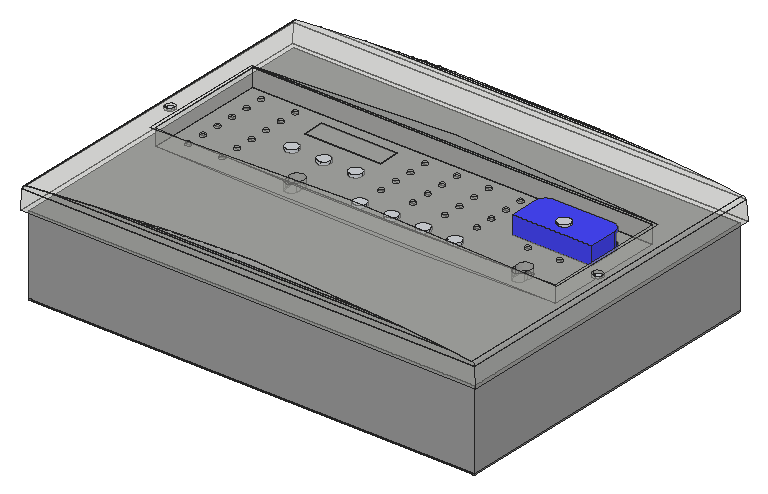
Revit family "Maxlogic Conventional Extinguishing Control Panel", category Fire Alarm Devices, host Face, Revit 2022
Family settings
  Host = Face
  Round Connector Dimension = Use Diameter
  Part Type = Normal
  OmniClass Number = 23.85.30.21
  OmniClass Title = Environmental Detection/Registration
  Cut with Voids When Loaded = No
  Maintain Annotation Orientation = Yes
  Shared = No
  Room Calculation Point = No
Parameters (values of type "Maxlogic Conventional Fire Extinguishing Control Panel 4 Detection Zones, 1 extinguishing Area, Manual Release inc.")
  Weight = "3900 gr"
  Weatherproof surface mounting back box = ""
  Warranty Duration Unit = "Year"
  Warranty Duration Parts = "2"
  Warranty Duration Labor = "2"
  Version = ""
  URL = "https://www.mavili.com.tr/en"
  Recessed mounting base = ""
  Public Works Pose Number = ""
  Protection Sign = ""
  Product Code = "ML-322"
  Phone Number = "(+)90 216 466 45 05"
  Operatonal Voltage (default) = ""
  Operating voltage range = ""
  Operating temperature = "(-5°C) - (+40°C)"
  Nominal Depth = "100 mm"
  Nominal Width = "400 mm"
  Nominal Height = "300 mm"
  Mounting surface = "Wall mount"
  Mounting height = ""
  Model = "Maxlogic"
  Manufacturer = "Mavili Elektronik Ticaret A.Ş."
  Installation Manual = "https://mavilielektronik.com/Revit/ML322_enkk.pdf"
  Indicator output = ""
  Fax Number = "(+)90 216 466 45 10"
  External supply = "220 V AC"
  Email = "mavili@mavili.com.tr"
  Disclaimer = ""
  Device Adress Setup = ""
  Description = "Conventional Fire Extinguishing Control Panel 4 Detection Zones, 1 extinguishing Area, Manual Release inc."
  Default Elevation = 0 mm
  Current consumption = ""
  Cost unıt = ""
  Cost = 0
  Compatible sockets = ""
  Color = "White"
  Code Performance = "EN 54-2, EN 54-4"
  Main Material = "Metal Grey"
  Secondary Material = "White Plastic ABS"
  Battery = "2 X (12V DC 7 Ah )"
  Assembly Code = ""
  Address line 1 = "Şerifali Mahallesi Kutup Sokak No:27/1-2-4 Ümraniye TR-34775 İSTANBUL"
Reference planes
  plane 1 "Center (Front/Back)": y = 0
  plane 2: z = 0
  plane 3 "Center (Left/Right)": x = 0
Forms (mm)
  Extrusion 1, solid, material "mavili arka kasa"
    sketch origin (-210, -150, 148.173) x (1, 0, 0) y (0, 0, -1)
      loop
        line (42.905, 77.3) -> (434.905, 77.3) -> (434.905, 146.904)
        arc (434.905, 146.904) -> (434.545, 147.715) -> (433.785, 148.173) r 1.476
        line (433.785, 148.173) -> (44.505, 148.173)
        arc (44.505, 148.173) -> (43.374, 147.704) -> (42.905, 146.573) r 1.6
        line (42.905, 146.573) -> (42.905, 77.3)
    from 0 to 300
  Extrusion 2, solid, material "Mavili beyaz"
    sketch origin (-210, -150, 148.173) x (1, 0, 0) y (0, 0, -1)
      loop
        line (38.905, 77.3) -> (39.824, 59.769)
        arc (39.824, 59.769) -> (40.651, 57.854) -> (42.526, 56.941) r 3
        arc (42.526, 56.941) -> (238.905, 47.3) -> (435.284, 56.941) r 2005
        arc (435.284, 56.941) -> (437.16, 57.854) -> (437.987, 59.769) r 3
        line (437.987, 59.769) -> (438.905, 77.3) -> (38.905, 77.3)
    from 0 to 300
  Extrusion 3, void
    sketch origin (-167.095, -150, 70.872) x (0, 0, 1) y (0, -1, 0)
      loop
        arc (-69.27, -296) -> (-70.403, -295.532) -> (-70.872, -294.4) r 1.6
        line (-70.872, -294.4) -> (-70.872, -300) -> (0, -300) -> (0, -296) -> (-69.27, -296)
    from 0 to 392
  Extrusion 4, void
    sketch origin (-167.095, 150, 70.872) x (0, 0, 1) y (0, -1, 0)
      loop
        line (-69.27, 296) -> (0, 296) -> (0, 300) -> (-70.872, 300) -> (-70.872, 294.4)
        arc (-70.872, 294.4) -> (-70.403, 295.532) -> (-69.27, 296) r 1.6
    from 0 to 392
  Extrusion 5, void
    sketch origin (-210, -150, 148.173) x (0, 0, -1) y (0, 1, 0)
      loop
        line (55.289, 116.326) -> (55.289, 228.158) -> (47.3, 228.297) -> (47.3, 111.721) -> (55.289, 116.326)
    from 0 to 497.127
  Extrusion 6, void
    sketch origin (-210, -150, 148.173) x (0, 0, -1) y (0, 1, 0)
      loop
        arc (47.3, 295.581) -> (48.124, 297.646) -> (50.143, 298.577) r 3
        line (50.143, 298.577) -> (51.913, 298.669) -> (55.057, 298.834) -> (59.769, 299.081) -> (77.3, 300) -> (50, 300) -> (47.3, 300) -> (47.3, 295.581)
    from 0 to 493.151
  Extrusion 7, void
    sketch origin (-210, 150, 148.173) x (0, 0, -1) y (0, 1, 0)
      loop
        line (47.3, -295.581) -> (47.3, -300) -> (50, -300) -> (77.3, -300) -> (59.769, -299.081) -> (55.057, -298.834) -> (51.913, -298.669) -> (50.143, -298.577)
        arc (50.143, -298.577) -> (48.124, -297.646) -> (47.3, -295.581) r 3
    from 0 to 493.151
  Extrusion 8, void
    sketch origin (-167.095, 146, 25.472) x (0, 0, -1) y (1, 0, 0)
      loop
        line (-13.523, 66.9) -> (-13.523, 68.054)
        arc (-13.523, 68.054) -> (-15, 68.144) -> (-16.477, 68.054) r 12.144
        line (-16.477, 68.054) -> (-16.477, 66.9)
        arc (-16.477, 66.9) -> (-26, 56.025) -> (-16.527, 45.106) r 11
        line (-16.527, 45.106) -> (-16.527, 43.952)
        arc (-16.527, 43.952) -> (-15, 43.856) -> (-13.473, 43.952) r 12.144
        line (-13.473, 43.952) -> (-13.473, 45.106)
        arc (-13.473, 45.106) -> (-4, 56.025) -> (-13.523, 66.9) r 11
    from 0 to 1
  Extrusion 9, void
    sketch origin (-127.095, 146, 25.472) x (0, 0, -1) y (1, 0, 0)
      loop
        line (-13.523, 66.9) -> (-13.523, 68.054)
        arc (-13.523, 68.054) -> (-15, 68.144) -> (-16.477, 68.054) r 12.144
        line (-16.477, 68.054) -> (-16.477, 66.9)
        arc (-16.477, 66.9) -> (-26, 56.025) -> (-16.527, 45.106) r 11
        line (-16.527, 45.106) -> (-16.527, 43.952)
        arc (-16.527, 43.952) -> (-15, 43.856) -> (-13.473, 43.952) r 12.144
        line (-13.473, 43.952) -> (-13.473, 45.106)
        arc (-13.473, 45.106) -> (-4, 56.025) -> (-13.523, 66.9) r 11
    from 0 to 1
  Extrusion 10, void
    sketch origin (-87.095, 146, 25.472) x (0, 0, -1) y (1, 0, 0)
      loop
        line (-13.523, 66.9) -> (-13.523, 68.054)
        arc (-13.523, 68.054) -> (-15, 68.144) -> (-16.477, 68.054) r 12.144
        line (-16.477, 68.054) -> (-16.477, 66.9)
        arc (-16.477, 66.9) -> (-26, 56.025) -> (-16.527, 45.106) r 11
        line (-16.527, 45.106) -> (-16.527, 43.952)
        arc (-16.527, 43.952) -> (-15, 43.856) -> (-13.473, 43.952) r 12.144
        line (-13.473, 43.952) -> (-13.473, 45.106)
        arc (-13.473, 45.106) -> (-4, 56.025) -> (-13.523, 66.9) r 11
    from 0 to 1
  Extrusion 11, void
    sketch origin (-47.095, 146, 25.472) x (0, 0, -1) y (1, 0, 0)
      loop
        line (-13.523, 66.9) -> (-13.523, 68.054)
        arc (-13.523, 68.054) -> (-15, 68.144) -> (-16.477, 68.054) r 12.144
        line (-16.477, 68.054) -> (-16.477, 66.9)
        arc (-16.477, 66.9) -> (-26, 56.025) -> (-16.527, 45.106) r 11
        line (-16.527, 45.106) -> (-16.527, 43.952)
        arc (-16.527, 43.952) -> (-15, 43.856) -> (-13.473, 43.952) r 12.144
        line (-13.473, 43.952) -> (-13.473, 45.106)
        arc (-13.473, 45.106) -> (-4, 56.025) -> (-13.523, 66.9) r 11
    from 0 to 1
  Extrusion 12, void
    sketch origin (-7.095, 146, 25.472) x (0, 0, -1) y (1, 0, 0)
      loop
        line (-13.523, 66.9) -> (-13.523, 68.054)
        arc (-13.523, 68.054) -> (-15, 68.144) -> (-16.477, 68.054) r 12.144
        line (-16.477, 68.054) -> (-16.477, 66.9)
        arc (-16.477, 66.9) -> (-26, 56.025) -> (-16.527, 45.106) r 11
        line (-16.527, 45.106) -> (-16.527, 43.952)
        arc (-16.527, 43.952) -> (-15, 43.856) -> (-13.473, 43.952) r 12.144
        line (-13.473, 43.952) -> (-13.473, 45.106)
        arc (-13.473, 45.106) -> (-4, 56.025) -> (-13.523, 66.9) r 11
    from 0 to 1
  Extrusion 13, void
    sketch origin (32.905, 146, 25.472) x (0, 0, -1) y (1, 0, 0)
      loop
        line (-13.523, 66.9) -> (-13.523, 68.054)
        arc (-13.523, 68.054) -> (-15, 68.144) -> (-16.477, 68.054) r 12.144
        line (-16.477, 68.054) -> (-16.477, 66.9)
        arc (-16.477, 66.9) -> (-26, 56.025) -> (-16.527, 45.106) r 11
        line (-16.527, 45.106) -> (-16.527, 43.952)
        arc (-16.527, 43.952) -> (-15, 43.856) -> (-13.473, 43.952) r 12.144
        line (-13.473, 43.952) -> (-13.473, 45.106)
        arc (-13.473, 45.106) -> (-4, 56.025) -> (-13.523, 66.9) r 11
    from 0 to 1
  Extrusion 14, void
    sketch origin (72.905, 146, 25.472) x (0, 0, -1) y (1, 0, 0)
      loop
        line (-13.523, 66.9) -> (-13.523, 68.054)
        arc (-13.523, 68.054) -> (-15, 68.144) -> (-16.477, 68.054) r 12.144
        line (-16.477, 68.054) -> (-16.477, 66.9)
        arc (-16.477, 66.9) -> (-26, 56.025) -> (-16.527, 45.106) r 11
        line (-16.527, 45.106) -> (-16.527, 43.952)
        arc (-16.527, 43.952) -> (-15, 43.856) -> (-13.473, 43.952) r 12.144
        line (-13.473, 43.952) -> (-13.473, 45.106)
        arc (-13.473, 45.106) -> (-4, 56.025) -> (-13.523, 66.9) r 11
    from 0 to 1
  Extrusion 15, void
    sketch origin (112.905, 146, 25.472) x (0, 0, -1) y (1, 0, 0)
      loop
        line (-13.523, 66.9) -> (-13.523, 68.054)
        arc (-13.523, 68.054) -> (-15, 68.144) -> (-16.477, 68.054) r 12.144
        line (-16.477, 68.054) -> (-16.477, 66.9)
        arc (-16.477, 66.9) -> (-26, 56.025) -> (-16.527, 45.106) r 11
        line (-16.527, 45.106) -> (-16.527, 43.952)
        arc (-16.527, 43.952) -> (-15, 43.856) -> (-13.473, 43.952) r 12.144
        line (-13.473, 43.952) -> (-13.473, 45.106)
        arc (-13.473, 45.106) -> (-4, 56.025) -> (-13.523, 66.9) r 11
    from 0 to 1
  Extrusion 16, void
    sketch origin (-210, -33.417, 92.884) x (-1, 0, 0) y (0, 1, 0)
      loop
        line (-62.836, 2.214) -> (-62.836, 108.579)
        spline (-62.836, 108.579) -> (-92.123, 108.62) -> (-121.442, 108.654) -> (-150.785, 108.681) -> (-180.148, 108.699) -> (-209.524, 108.711) -> (-238.905, 108.714) -> (-268.287, 108.711) -> (-297.662, 108.699) -> (-327.025, 108.681) -> (-356.369, 108.654) -> (-385.687, 108.62) -> (-414.974, 108.579)
        line (-414.974, 108.579) -> (-414.974, 2.214)
        spline (-414.974, 2.214) -> (-385.687, 0.847) -> (-356.369, -0.273) -> (-327.025, -1.144) -> (-297.662, -1.766) -> (-268.287, -2.14) -> (-238.905, -2.264) -> (-209.524, -2.14) -> (-180.148, -1.766) -> (-150.785, -1.144) -> (-121.442, -0.273) -> (-92.123, 0.847) -> (-62.836, 2.214)
    from 0 to 15
  Revolve 17, solid, material "Glass"
    sketch origin (-225, 152.917, 77.884) x (-1, 0, 0) y (0, -1, 0)
      loop
        arc (-91.405, 87.917) -> (-93.905, 90.417) -> (-96.405, 87.917) r 2.5
        line (-96.405, 87.917) -> (-91.405, 87.917)
      axis (-91.405, 87.917) -> (-96.405, 87.917)
    angle from 0 to -180
  Extrusion 18, void
    sketch origin (-210, -33.417, 92.884) x (-1, 0, 0) y (0, 1, 0)
      loop
        circle (-50.905, 33.417) r 4.25
    from 0 to 3
  Extrusion 19, solid
    sketch origin (-210, -33.442, 89.884) x (0, 1, 0) y (-1, 0, 0)
      loop
        line (35.753, -50.862) -> (34.597, -48.861) -> (32.286, -48.861) -> (31.13, -50.862) -> (32.286, -52.864) -> (34.597, -52.864) -> (35.753, -50.862)
    from 0 to 1
  Extrusion 20, void
    sketch origin (267.811, -33.417, 92.884) x (-1, 0, 0) y (0, 1, 0)
      loop
        circle (50.905, 33.417) r 4.25
    from 0 to 3
  Extrusion 21, solid
    sketch origin (267.811, -33.442, 89.884) x (0, 1, 0) y (-1, 0, 0)
      loop
        line (35.753, 50.862) -> (34.597, 52.864) -> (32.286, 52.864) -> (31.13, 50.862) -> (32.286, 48.861) -> (34.597, 48.861) -> (35.753, 50.862)
    from 0 to 1
  Revolve 22, solid, material "Glass"
    sketch origin (-225, 136.917, 77.884) x (-1, 0, 0) y (0, -1, 0)
      loop
        arc (-91.405, 87.917) -> (-93.905, 90.417) -> (-96.405, 87.917) r 2.5
        line (-96.405, 87.917) -> (-91.405, 87.917)
      axis (-91.405, 87.917) -> (-96.405, 87.917)
    angle from 0 to -180
  Revolve 23, solid, material "Glass"
    sketch origin (-225, 120.917, 77.884) x (-1, 0, 0) y (0, -1, 0)
      loop
        arc (-91.405, 87.917) -> (-93.905, 90.417) -> (-96.405, 87.917) r 2.5
        line (-96.405, 87.917) -> (-91.405, 87.917)
      axis (-91.405, 87.917) -> (-96.405, 87.917)
    angle from 0 to -180
  Revolve 24, solid, material "Glass"
    sketch origin (-225, 104.917, 77.884) x (-1, 0, 0) y (0, -1, 0)
      loop
        arc (-91.405, 87.917) -> (-93.905, 90.417) -> (-96.405, 87.917) r 2.5
        line (-96.405, 87.917) -> (-91.405, 87.917)
      axis (-91.405, 87.917) -> (-96.405, 87.917)
    angle from 0 to -180
  Extrusion 25, solid
    sketch origin (62, -24.417, 92.758) x (0, 1, 0) y (-1, 0, 0)
      loop
        circle (63.417, -93.905) r 5.5
    from 0 to 2
  Extrusion 26, solid
    sketch origin (-25, -70.435, 77.884) x (0, 1, 0) y (-1, 0, 0)
      loop
        circle (63.417, -93.905) r 5.5
    from 0 to 2
  Extrusion 27, solid
    sketch origin (-53, -70.417, 77.884) x (0, 1, 0) y (-1, 0, 0)
      loop
        circle (63.417, -93.905) r 5.5
    from 0 to 2
  Extrusion 28, solid
    sketch origin (-81, -70.417, 77.884) x (0, 1, 0) y (-1, 0, 0)
      loop
        circle (63.417, -93.905) r 5.5
    from 0 to 2
  Extrusion 29, solid
    sketch origin (-166, -38.417, 77.884) x (0, 1, 0) y (-1, 0, 0)
      loop
        circle (63.417, -93.905) r 5.5
    from 0 to 2
  Revolve 30, solid, material "Glass"
    sketch origin (-225, 88.917, 77.884) x (-1, 0, 0) y (0, -1, 0)
      loop
        arc (-91.405, 87.917) -> (-93.905, 90.417) -> (-96.405, 87.917) r 2.5
        line (-96.405, 87.917) -> (-91.405, 87.917)
      axis (-91.405, 87.917) -> (-96.405, 87.917)
    angle from 0 to -180
  Revolve 31, solid, material "Glass"
    sketch origin (-225, 72.917, 77.884) x (-1, 0, 0) y (0, -1, 0)
      loop
        arc (-91.405, 87.917) -> (-93.905, 90.417) -> (-96.405, 87.917) r 2.5
        line (-96.405, 87.917) -> (-91.405, 87.917)
      axis (-91.405, 87.917) -> (-96.405, 87.917)
    angle from 0 to -180
  Revolve 32, solid, material "Glass"
    sketch origin (-195, 152.917, 77.884) x (-1, 0, 0) y (0, -1, 0)
      loop
        arc (-91.405, 87.917) -> (-93.905, 90.417) -> (-96.405, 87.917) r 2.5
        line (-96.405, 87.917) -> (-91.405, 87.917)
      axis (-91.405, 87.917) -> (-96.405, 87.917)
    angle from 0 to -180
  Revolve 33, solid, material "Glass"
    sketch origin (-195, 136.917, 77.884) x (-1, 0, 0) y (0, -1, 0)
      loop
        arc (-91.405, 87.917) -> (-93.905, 90.417) -> (-96.405, 87.917) r 2.5
        line (-96.405, 87.917) -> (-91.405, 87.917)
      axis (-91.405, 87.917) -> (-96.405, 87.917)
    angle from 0 to -180
  Revolve 34, solid, material "Glass"
    sketch origin (-195, 120.917, 77.884) x (-1, 0, 0) y (0, -1, 0)
      loop
        arc (-91.405, 87.917) -> (-93.905, 90.417) -> (-96.405, 87.917) r 2.5
        line (-96.405, 87.917) -> (-91.405, 87.917)
      axis (-91.405, 87.917) -> (-96.405, 87.917)
    angle from 0 to -180
  Revolve 35, solid, material "Glass"
    sketch origin (-195, 104.917, 77.884) x (-1, 0, 0) y (0, -1, 0)
      loop
        arc (-91.405, 87.917) -> (-93.905, 90.417) -> (-96.405, 87.917) r 2.5
        line (-96.405, 87.917) -> (-91.405, 87.917)
      axis (-91.405, 87.917) -> (-96.405, 87.917)
    angle from 0 to -180
  Revolve 36, solid, material "Glass"
    sketch origin (-195, 88.917, 77.884) x (-1, 0, 0) y (0, -1, 0)
      loop
        arc (-91.405, 87.917) -> (-93.905, 90.417) -> (-96.405, 87.917) r 2.5
        line (-96.405, 87.917) -> (-91.405, 87.917)
      axis (-91.405, 87.917) -> (-96.405, 87.917)
    angle from 0 to -180
  Revolve 37, solid, material "Glass"
    sketch origin (-195, 72.917, 77.884) x (-1, 0, 0) y (0, -1, 0)
      loop
        arc (-91.405, 87.917) -> (-93.905, 90.417) -> (-96.405, 87.917) r 2.5
        line (-96.405, 87.917) -> (-91.405, 87.917)
      axis (-91.405, 87.917) -> (-96.405, 87.917)
    angle from 0 to -180
  Extrusion 38, solid
    sketch origin (-138, -38.417, 77.884) x (0, 1, 0) y (-1, 0, 0)
      loop
        circle (63.417, -93.905) r 5.5
    from 0 to 2
  Extrusion 39, solid
    sketch origin (-110, -38.417, 77.884) x (0, 1, 0) y (-1, 0, 0)
      loop
        circle (63.417, -93.905) r 5.5
    from 0 to 2
  Extrusion 40, solid
    sketch origin (3, -70.435, 77.884) x (0, 1, 0) y (-1, 0, 0)
      loop
        circle (63.417, -93.905) r 5.5
    from 0 to 2
  Revolve 41, solid, material "Glass"
    sketch origin (-80.971, 152.917, 77.884) x (-1, 0, 0) y (0, -1, 0)
      loop
        arc (-91.405, 87.917) -> (-93.905, 90.417) -> (-96.405, 87.917) r 2.5
        line (-96.405, 87.917) -> (-91.405, 87.917)
      axis (-91.405, 87.917) -> (-96.405, 87.917)
    angle from 0 to -180
  Revolve 42, solid, material "Glass"
    sketch origin (-80.971, 136.917, 77.884) x (-1, 0, 0) y (0, -1, 0)
      loop
        arc (-91.405, 87.917) -> (-93.905, 90.417) -> (-96.405, 87.917) r 2.5
        line (-96.405, 87.917) -> (-91.405, 87.917)
      axis (-91.405, 87.917) -> (-96.405, 87.917)
    angle from 0 to -180
  Revolve 43, solid, material "Glass"
    sketch origin (-80.971, 120.917, 77.884) x (-1, 0, 0) y (0, -1, 0)
      loop
        arc (-91.405, 87.917) -> (-93.905, 90.417) -> (-96.405, 87.917) r 2.5
        line (-96.405, 87.917) -> (-91.405, 87.917)
      axis (-91.405, 87.917) -> (-96.405, 87.917)
    angle from 0 to -180
  Revolve 44, solid, material "Glass"
    sketch origin (-80.971, 104.917, 77.884) x (-1, 0, 0) y (0, -1, 0)
      loop
        arc (-91.405, 87.917) -> (-93.905, 90.417) -> (-96.405, 87.917) r 2.5
        line (-96.405, 87.917) -> (-91.405, 87.917)
      axis (-91.405, 87.917) -> (-96.405, 87.917)
    angle from 0 to -180
  Revolve 45, solid, material "Glass"
    sketch origin (-53, 152.917, 77.884) x (-1, 0, 0) y (0, -1, 0)
      loop
        arc (-91.405, 87.917) -> (-93.905, 90.417) -> (-96.405, 87.917) r 2.5
        line (-96.405, 87.917) -> (-91.405, 87.917)
      axis (-91.405, 87.917) -> (-96.405, 87.917)
    angle from 0 to -180
  Revolve 46, solid, material "Glass"
    sketch origin (-53, 136.917, 77.884) x (-1, 0, 0) y (0, -1, 0)
      loop
        arc (-91.405, 87.917) -> (-93.905, 90.417) -> (-96.405, 87.917) r 2.5
        line (-96.405, 87.917) -> (-91.405, 87.917)
      axis (-91.405, 87.917) -> (-96.405, 87.917)
    angle from 0 to -180
  Revolve 47, solid, material "Glass"
    sketch origin (-53, 120.917, 77.884) x (-1, 0, 0) y (0, -1, 0)
      loop
        arc (-91.405, 87.917) -> (-93.905, 90.417) -> (-96.405, 87.917) r 2.5
        line (-96.405, 87.917) -> (-91.405, 87.917)
      axis (-91.405, 87.917) -> (-96.405, 87.917)
    angle from 0 to -180
  Revolve 48, solid, material "Glass"
    sketch origin (-53, 104.917, 77.884) x (-1, 0, 0) y (0, -1, 0)
      loop
        arc (-91.405, 87.917) -> (-93.905, 90.417) -> (-96.405, 87.917) r 2.5
        line (-96.405, 87.917) -> (-91.405, 87.917)
      axis (-91.405, 87.917) -> (-96.405, 87.917)
    angle from 0 to -180
  Revolve 49, solid, material "Glass"
    sketch origin (-25, 152.917, 77.884) x (-1, 0, 0) y (0, -1, 0)
      loop
        arc (-91.405, 87.917) -> (-93.905, 90.417) -> (-96.405, 87.917) r 2.5
        line (-96.405, 87.917) -> (-91.405, 87.917)
      axis (-91.405, 87.917) -> (-96.405, 87.917)
    angle from 0 to -180
  Revolve 50, solid, material "Glass"
    sketch origin (-25, 136.917, 77.884) x (-1, 0, 0) y (0, -1, 0)
      loop
        arc (-91.405, 87.917) -> (-93.905, 90.417) -> (-96.405, 87.917) r 2.5
        line (-96.405, 87.917) -> (-91.405, 87.917)
      axis (-91.405, 87.917) -> (-96.405, 87.917)
    angle from 0 to -180
  Revolve 51, solid, material "Glass"
    sketch origin (-25, 120.917, 77.884) x (-1, 0, 0) y (0, -1, 0)
      loop
        arc (-91.405, 87.917) -> (-93.905, 90.417) -> (-96.405, 87.917) r 2.5
        line (-96.405, 87.917) -> (-91.405, 87.917)
      axis (-91.405, 87.917) -> (-96.405, 87.917)
    angle from 0 to -180
  Revolve 52, solid, material "Glass"
    sketch origin (-25, 104.917, 77.884) x (-1, 0, 0) y (0, -1, 0)
      loop
        arc (-91.405, 87.917) -> (-93.905, 90.417) -> (-96.405, 87.917) r 2.5
        line (-96.405, 87.917) -> (-91.405, 87.917)
      axis (-91.405, 87.917) -> (-96.405, 87.917)
    angle from 0 to -180
  Revolve 53, solid, material "Glass"
    sketch origin (3, 152.917, 77.884) x (-1, 0, 0) y (0, -1, 0)
      loop
        arc (-91.405, 87.917) -> (-93.905, 90.417) -> (-96.405, 87.917) r 2.5
        line (-96.405, 87.917) -> (-91.405, 87.917)
      axis (-91.405, 87.917) -> (-96.405, 87.917)
    angle from 0 to -180
  Revolve 54, solid, material "Glass"
    sketch origin (3, 136.917, 77.884) x (-1, 0, 0) y (0, -1, 0)
      loop
        arc (-91.405, 87.917) -> (-93.905, 90.417) -> (-96.405, 87.917) r 2.5
        line (-96.405, 87.917) -> (-91.405, 87.917)
      axis (-91.405, 87.917) -> (-96.405, 87.917)
    angle from 0 to -180
  Revolve 55, solid, material "Glass"
    sketch origin (3, 120.917, 77.884) x (-1, 0, 0) y (0, -1, 0)
      loop
        arc (-91.405, 87.917) -> (-93.905, 90.417) -> (-96.405, 87.917) r 2.5
        line (-96.405, 87.917) -> (-91.405, 87.917)
      axis (-91.405, 87.917) -> (-96.405, 87.917)
    angle from 0 to -180
  Revolve 56, solid, material "Glass"
    sketch origin (3, 104.917, 77.884) x (-1, 0, 0) y (0, -1, 0)
      loop
        arc (-91.405, 87.917) -> (-93.905, 90.417) -> (-96.405, 87.917) r 2.5
        line (-96.405, 87.917) -> (-91.405, 87.917)
      axis (-91.405, 87.917) -> (-96.405, 87.917)
    angle from 0 to -180
  Extrusion 57, void
    sketch origin (69.905, 42.159, 71.01) x (1, 0, 0) y (0, -1, 0)
      loop
        line (-108.85, 49.421) -> (-108.85, 53.059)
        arc (-108.85, 53.059) -> (-114, 58.209) -> (-119.15, 53.059) r 5.15
        line (-119.15, 53.059) -> (-119.15, 49.421)
        arc (-119.15, 49.421) -> (-114, 39.909) -> (-108.85, 49.421) r 6.15
    from -12 to 1
  Extrusion 58, void
    sketch origin (269.905, 42.159, 71.01) x (1, 0, 0) y (0, -1, 0)
      loop
        line (-108.85, 49.421) -> (-108.85, 53.059)
        arc (-108.85, 53.059) -> (-114, 58.209) -> (-119.15, 53.059) r 5.15
        line (-119.15, 53.059) -> (-119.15, 49.421)
        arc (-119.15, 49.421) -> (-114, 39.909) -> (-108.85, 49.421) r 6.15
    from -12 to 1
  Extrusion 59, solid, material "Poche"
    sketch origin (-210, -33.417, 77.884) x (-1, 0, 0) y (0, -1, 0)
      loop
        line (-330.905, -83.667) -> (-330.905, -59.167) -> (-400.905, -59.167) -> (-400.905, -83.667)
        arc (-400.905, -83.667) -> (-397.976, -90.738) -> (-390.905, -93.667) r 10
        line (-390.905, -93.667) -> (-340.905, -93.667)
        arc (-340.905, -93.667) -> (-333.834, -90.738) -> (-330.905, -83.667) r 10
    from 0 to 15.8
  Revolve 60, solid, material "Glass"
    sketch origin (48, 104.917, 77.884) x (-1, 0, 0) y (0, -1, 0)
      loop
        arc (-91.405, 87.917) -> (-93.905, 90.417) -> (-96.405, 87.917) r 2.5
        line (-96.405, 87.917) -> (-91.405, 87.917)
      axis (-91.405, 87.917) -> (-96.405, 87.917)
    angle from 0 to -180
  Revolve 61, solid, material "Glass"
    sketch origin (75.978, 104.917, 77.884) x (-1, 0, 0) y (0, -1, 0)
      loop
        arc (-91.405, 87.917) -> (-93.905, 90.417) -> (-96.405, 87.917) r 2.5
        line (-96.405, 87.917) -> (-91.405, 87.917)
      axis (-91.405, 87.917) -> (-96.405, 87.917)
    angle from 0 to -180
  Extrusion 62, void
    sketch origin (190.905, 60.25, 91.41) x (0, -1, 0) y (0, 0, 1)
      loop
        line (8, -10.4) -> (8, 0) -> (0, 0) -> (0, -10.4) -> (8, -10.4)
    from -1.098 to 70
  Extrusion 63, solid, material "Glass"
    sketch origin (-284.25, -20.789, 77.884) x (0, 1, 0) y (-1, 0, 0)
      loop
        line (85.539, -206.655) -> (66.539, -206.655) -> (66.539, -273.655) -> (85.539, -273.655) -> (85.539, -206.655)
    from 0 to 0.8
  Extrusion 64, void
    sketch origin (269.905, 42.159, 71.01) x (1, 0, 0) y (0, -1, 0)
      loop
        line (-108.85, 49.421) -> (-108.85, 53.059)
        arc (-108.85, 53.059) -> (-114, 58.209) -> (-119.15, 53.059) r 5.15
        line (-119.15, 53.059) -> (-119.15, 49.421)
        arc (-119.15, 49.421) -> (-114, 39.909) -> (-108.85, 49.421) r 6.15
    from -12 to 1
Cuts and joins
  Extrusion 3, Extrusion 4, Extrusion 8, Extrusion 9, Extrusion 10, Extrusion 11, Extrusion 12, Extrusion 13, Extrusion 14, Extrusion 15, Extrusion 57, Extrusion 58, Extrusion 64 cuts Extrusion 1
  Extrusion 3, Extrusion 4, Extrusion 5, Extrusion 6, Extrusion 7, Extrusion 16, Extrusion 18, Extrusion 20, Extrusion 57, Extrusion 64 cuts Extrusion 2
  Extrusion 20 cuts Extrusion 19
  Extrusion 57 cuts Revolve 48
  Extrusion 62 cuts Extrusion 59
Lines and regions (mm)
  model lines
    curve 1: arc (142.905, 41.4, 93.684) -> (144.37, 44.935, 93.684) -> (147.905, 46.4, 93.684) r 5
    curve 2: line (142.905, 41.4, 93.684) -> (142.905, 36.6, 93.684)
    curve 3: arc (147.905, 31.6, 93.684) -> (144.37, 33.064, 93.684) -> (142.905, 36.6, 93.684) r 5
    curve 4: line (147.905, 31.6, 93.684) -> (163.905, 31.6, 93.684)
    curve 5: arc (168.905, 36.6, 93.684) -> (167.441, 33.064, 93.684) -> (163.905, 31.6, 93.684) r 5
    curve 6: line (168.905, 36.6, 93.684) -> (168.905, 41.4, 93.684)
    curve 7: arc (163.905, 46.4, 93.684) -> (167.441, 44.935, 93.684) -> (168.905, 41.4, 93.684) r 5
    curve 8: line (163.905, 46.4, 93.684) -> (147.905, 46.4, 93.684)
    curve 9: line (189.405, 48.75, 93.684) -> (122.405, 48.75, 93.684)
    curve 10: line (120.905, 50.25, 93.684) -> (190.905, 50.25, 93.684)
    curve 11: line (122.905, 52.25, 93.684) -> (188.905, 52.25, 93.684)
    curve 12: line (122.905, 27.75, 93.684) -> (122.905, 52.25, 93.684)
    curve 13: line (130.905, 50.25, 93.684) -> (130.905, 52.25, 93.684)
    curve 14: line (161.205, 52.95, 93.684) -> (150.605, 52.95, 93.684)
    curve 15: line (150.605, 52.95, 93.684) -> (150.605, 50.25, 93.684)
    curve 16: line (161.205, 50.25, 93.684) -> (161.205, 52.95, 93.684)
    curve 17: line (160.905, 50.25, 93.684) -> (160.905, 52.25, 93.684)
    curve 18: line (150.905, 52.25, 93.684) -> (150.905, 50.25, 93.684)
    curve 19: line (180.905, 52.25, 93.684) -> (180.905, 50.25, 93.684)
    curve 20: line (188.905, 52.25, 93.684) -> (188.905, 27.75, 93.684)
    curve 21: line (189.405, 27.75, 93.684) -> (189.405, 50.25, 93.684)
    curve 22: line (122.405, 50.25, 93.684) -> (122.405, 27.75, 93.684)
    curve 23: arc (179.805, 39, 93.684) -> (181.405, 37.4, 93.684) -> (183.005, 39, 93.684) r 1.6
    curve 24: arc (183.005, 39, 93.684) -> (181.405, 40.6, 93.684) -> (179.805, 39, 93.684) r 1.6
    curve 25: arc (128.805, 39, 93.684) -> (130.405, 37.4, 93.684) -> (132.005, 39, 93.684) r 1.6
    curve 26: arc (132.005, 39, 93.684) -> (130.405, 40.6, 93.684) -> (128.805, 39, 93.684) r 1.6
    curve 27: line (190.905, 27.75, 93.684) -> (120.905, 27.75, 93.684)
    curve 28: line (163.905, 3.75, 77.884) -> (147.905, 3.75, 77.884)
    curve 29: line (147.905, 3.75, 77.884) -> (147.905, -17.55, 77.884)
    curve 30: line (147.905, -17.55, 77.884) -> (163.905, -17.55, 77.884)
    curve 31: line (163.905, -17.55, 77.884) -> (163.905, 3.75, 77.884)
    curve 32: line (-52.095, -17.55, 77.884) -> (-36.095, -17.55, 77.884)
    curve 33: line (-36.095, -17.55, 77.884) -> (-36.095, 3.75, 77.884)
    curve 34: line (-36.095, 3.75, 77.884) -> (-52.095, 3.75, 77.884)
    curve 35: line (-52.095, 3.75, 77.884) -> (-52.095, -17.55, 77.884)
    curve 36: arc (-38.345, -7.436, 77.884) -> (-44.095, 2.85, 77.884) -> (-49.845, -7.436, 77.884) r 6.75
    curve 37: line (-49.845, -7.436, 77.884) -> (-49.845, -10.9, 77.884)
    curve 38: arc (-49.845, -10.9, 77.884) -> (-44.095, -16.65, 77.884) -> (-38.345, -10.9, 77.884) r 5.75
    curve 39: line (-38.345, -10.9, 77.884) -> (-38.345, -7.436, 77.884)
    curve 40: arc (161.655, -7.436, 77.884) -> (155.905, 2.85, 77.884) -> (150.155, -7.436, 77.884) r 6.75
    curve 41: line (150.155, -7.436, 77.884) -> (150.155, -10.9, 77.884)
    curve 42: arc (150.155, -10.9, 77.884) -> (155.905, -16.65, 77.884) -> (161.655, -10.9, 77.884) r 5.75
    curve 43: line (161.655, -10.9, 77.884) -> (161.655, -7.436, 77.884)
Dimensions and locks
  aligned and locked: plane 2 to host face
  aligned and locked: level to host face
Connectors
  electrical at (29.145, 0, 0)
    settings: on cut or joined group of Extrusion 1, Extrusion 3, Extrusion 4, Extrusion 8, Extrusion 9, Extrusion 10, Extrusion 11, Extrusion 12, Extrusion 13, Extrusion 14, Extrusion 15, Extrusion 57, Extrusion 58, Extrusion 64, index 1, voltage 0 V, apparent load 0 VA, apparent load phase1 0 VA, apparent load phase2 0 VA, apparent load phase3 0 VA, power factor 1, load classification "Other", number of poles 1, system type 31, power factor state 1, is connector primary yes, connector utility no, sub classification motor no, connector description ""
